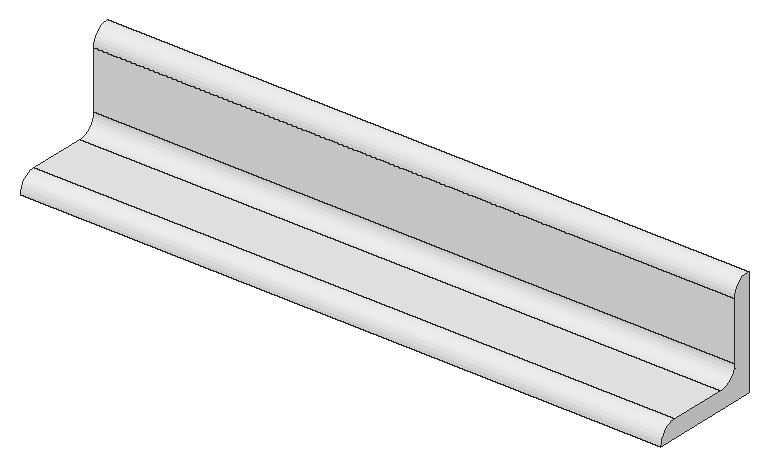
Revit family "M_Enrijecedor Linear-Ângulo", category Enrijecedores estruturais, Revit 2019
Family settings
  Número OmniClass = 23.25.30.11.27
  Título OmniClass = Vibration and Earthquake Controls
  ID de item do Seek = Linear Stiffener-Angle-0000-CAN-ENU
  Corte com vazios quando carregada = Não
  Compartilhado = Não
Parameters (values of type "L102X102X15.9")
  y = 31.1 mm
  x = 31.1 mm
  t = 15.9 mm
  k = 25 mm
  d = 102 mm
  b = 102 mm
  W = 0.229
  Material de enrijecedor [instance] = Metal - Aço 345 MPa
  built-in parameter 1001306 [instance] = 600 mm
  A = 2970.00 m²
Reference planes
  plane 1 "Centro (Frente/Trás)": y = -5.429
  plane 2: z = 0
  plane 3 "Esquerda": x = 0
  plane 4 "Direita": x = 600
  plane 5: y = -21.329
  plane 6: y = -36.529
  plane 7: y = -107.429
  plane 8: z = 15.9
  plane 9: z = 31.1
  plane 10: z = 102
Forms (mm)
  Sweep 1, solid, material "Metal - Aço 345 MPa" <- "Material de enrijecedor", detail levels fine
    path in 3D
      loop
        line (0, -5.429, 0) -> (600, -5.429, 0)
    profile origin (300, -5.429, 0) x (0, 1, 0) y (0, 0, 1)
      loop
        line (0, 0) -> (0, 102)
        arc (0, 102) -> (-11.243, 97.343) -> (-15.9, 86.1) r 15.9
        line (-15.9, 86.1) -> (-15.9, 31.8)
        arc (-15.9, 31.8) -> (-20.557, 20.557) -> (-31.8, 15.9) r 15.9
        line (-31.8, 15.9) -> (-86.1, 15.9)
        arc (-86.1, 15.9) -> (-97.343, 11.243) -> (-102, 0) r 15.9
        line (-102, 0) -> (0, 0)
  Sweep 2, solid, material "Metal - Aço 345 MPa" <- "Material de enrijecedor", detail levels medium
    path in 3D
      loop
        line (0, -5.429, 102) -> (600, -5.429, 102)
    profile origin (300, -5.429, 102) x (0, 0, -1) y (0, 1, 0)
      loop
        line (0, 0) -> (0, -15.9) -> (86.1, -15.9) -> (86.1, -102) -> (102, -102) -> (102, 0) -> (0, 0)
Lines and regions (mm)
  reference lines
    curve 1: line (0, -5.429, 0) -> (600, -5.429, 0)
  sketch lines
    curve 2: line (0, -5.429, 0) -> (600, -5.429, 0)
    curve 3: line (0, -5.429, 102) -> (600, -5.429, 102)
Dimensions and locks
  "built-in parameter 1001306": plane 3 "Esquerda" to plane 4 "Direita"
  "t": plane 8 to plane 2
  "y": plane 9 to plane 2
  "d": plane 10 to plane 2
  "t": plane 1 "Centro (Frente/Trás)" to plane 5
  "x": plane 1 "Centro (Frente/Trás)" to plane 6
  "b": plane 1 "Centro (Frente/Trás)" to plane 7
  "t": radius of Sweep 1 sketch curve  (x3)
  aligned and locked: plane 4 "Direita" to curve 1
  aligned and locked: plane 1 "Centro (Frente/Trás)" to curve 1
  aligned and locked: plane 3 "Esquerda" to curve 1
  aligned and locked: profile plane to Sweep 1 sketch curve
  aligned and locked: plane 7 to Sweep 1 sketch curve
  aligned and locked: plane 10 to Sweep 1 sketch curve
  aligned and locked: plane 2 to Sweep 2 sketch curve
  aligned and locked: Sweep 2 sketch curve to plane 7
  aligned and locked: plane 1 "Centro (Frente/Trás)" to Sweep 2 sketch curve
  aligned and locked: Sweep 2 sketch curve to plane 5
  aligned and locked: Sweep 2 sketch curve to plane 10
  aligned and locked: Sweep 2 sketch curve to plane 8
Automatic sketch dimensions
  Sweep 1 sketch curve to profile plane = 0 mm
Types in the file's own list only (124): name | y | x | t | k | d | b | W | A
  L203X203X28.6 | 61 mm | 61 mm | 29 mm | 45 mm | 203 mm | 203 mm | 0.835 | 0.01 m²
  L203X203X25.4 | 60 mm | 60 mm | 25 mm | 41 mm | 203 mm | 203 mm | 0.749 | 0.01 m²
  L203X203X22.2 | 59 mm | 59 mm | 22 mm | 38 mm | 203 mm | 203 mm | 0.661 | 0.01 m²
  L203X203X19 | 58 mm | 58 mm | 19 mm | 35 mm | 203 mm | 203 mm | 0.572 | 0.01 m²
  L203X203X15.9 | 56 mm | 56 mm | 16 mm | 32 mm | 203 mm | 203 mm | 0.481 | 0.01 m²
  L203X203X14.3 | 56 mm | 56 mm | 14 mm | 30 mm | 203 mm | 203 mm | 0.435 | 0.01 m²
  L203X203X12.7 | 55 mm | 55 mm | 13 mm | 29 mm | 203 mm | 203 mm | 0.389 | 0.01 m²
  L203X152X25.4 | 67 mm | 42 mm | 25 mm | 38 mm | 203 mm | 152 mm | 0.648 | 0.01 m²
  L203X152X22.2 | 66 mm | 41 mm | 22 mm | 35 mm | 203 mm | 152 mm | 0.573 | 0.01 m²
  L203X152X19 | 65 mm | 40 mm | 19 mm | 32 mm | 203 mm | 152 mm | 0.496 | 0.01 m²
  L203X152X15.9 | 64 mm | 38 mm | 16 mm | 29 mm | 203 mm | 152 mm | 0.418 | 0.01 m²
  L203X152X14.3 | 63 mm | 38 mm | 14 mm | 27 mm | 203 mm | 152 mm | 0.378 | 0.00 m²
  L203X152X12.7 | 62 mm | 37 mm | 13 mm | 25 mm | 203 mm | 152 mm | 0.338 | 0.00 m²
  L203X152X11.1 | 62 mm | 37 mm | 11 mm | 24 mm | 203 mm | 152 mm | 0.297 | 0.00 m²
  L203X102X25.4 | 77 mm | 27 mm | 25 mm | 38 mm | 203 mm | 102 mm | 0.549 | 0.01 m²
  L203X102X22.2 | 76 mm | 25 mm | 22 mm | 35 mm | 203 mm | 102 mm | 0.486 | 0.01 m²
  L203X102X19 | 75 mm | 24 mm | 19 mm | 32 mm | 203 mm | 102 mm | 0.422 | 0.01 m²
  L203X102X15.9 | 73 mm | 23 mm | 16 mm | 29 mm | 203 mm | 102 mm | 0.356 | 0.00 m²
  L203X102X14.3 | 73 mm | 22 mm | 14 mm | 27 mm | 203 mm | 102 mm | 0.322 | 0.00 m²
  L203X102X12.7 | 72 mm | 22 mm | 13 mm | 25 mm | 203 mm | 102 mm | 0.288 | 0.00 m²
  L203X102X11.1 | 71 mm | 21 mm | 11 mm | 24 mm | 203 mm | 102 mm | 0.254 | 0.00 m²
  L178X102X19 | 64 mm | 26 mm | 19 mm | 32 mm | 178 mm | 102 mm | 0.382 | 0.00 m²
  L178X102X15.9 | 62 mm | 24 mm | 16 mm | 29 mm | 178 mm | 102 mm | 0.323 | 0.00 m²
  L178X102X12.7 | 61 mm | 23 mm | 13 mm | 25 mm | 178 mm | 102 mm | 0.261 | 0.00 m²
  L178X102X11.1 | 60 mm | 23 mm | 11 mm | 24 mm | 178 mm | 102 mm | 0.23 | 0.00 m²
  L178X102X9.5 | 60 mm | 22 mm | 10 mm | 22 mm | 178 mm | 102 mm | 0.199 | 0.00 m²
  L152X152X25.4 | 47 mm | 47 mm | 25 mm | 38 mm | 152 mm | 152 mm | 0.547 | 0.01 m²
  L152X152X22.2 | 46 mm | 46 mm | 22 mm | 35 mm | 152 mm | 152 mm | 0.484 | 0.01 m²
  L152X152X19 | 45 mm | 45 mm | 19 mm | 32 mm | 152 mm | 152 mm | 0.42 | 0.01 m²
  L152X152X15.9 | 44 mm | 44 mm | 16 mm | 29 mm | 152 mm | 152 mm | 0.354 | 0.00 m²
  L152X152X14.3 | 43 mm | 43 mm | 14 mm | 27 mm | 152 mm | 152 mm | 0.32 | 0.00 m²
  L152X152X12.7 | 43 mm | 43 mm | 13 mm | 25 mm | 152 mm | 152 mm | 0.287 | 0.00 m²
  L152X152X11.1 | 42 mm | 42 mm | 11 mm | 24 mm | 152 mm | 152 mm | 0.252 | 0.00 m²
  L152X152X9.5 | 41 mm | 41 mm | 10 mm | 22 mm | 152 mm | 152 mm | 0.217 | 0.00 m²
  L152X152X7.9 | 41 mm | 41 mm | 8 mm | 21 mm | 152 mm | 152 mm | 0.182 | 0.00 m²
  L152X102X22.2 | 54 mm | 28 mm | 22 mm | 35 mm | 152 mm | 102 mm | 0.396 | 0.01 m²
  L152X102X19 | 53 mm | 27 mm | 19 mm | 32 mm | 152 mm | 102 mm | 0.344 | 0.00 m²
  L152X102X15.9 | 51 mm | 26 mm | 16 mm | 29 mm | 152 mm | 102 mm | 0.291 | 0.00 m²
  L152X102X14.3 | 51 mm | 26 mm | 14 mm | 27 mm | 152 mm | 102 mm | 0.264 | 0.00 m²
  L152X102X12.7 | 50 mm | 25 mm | 13 mm | 25 mm | 152 mm | 102 mm | 0.236 | 0.00 m²
  L152X102X11.1 | 50 mm | 24 mm | 11 mm | 24 mm | 152 mm | 102 mm | 0.208 | 0.00 m²
  L152X102X9.5 | 49 mm | 24 mm | 10 mm | 22 mm | 152 mm | 102 mm | 0.179 | 0.00 m²
  L152X102X7.9 | 48 mm | 23 mm | 8 mm | 21 mm | 152 mm | 102 mm | 0.15 | 0.00 m²
  L152X89X12.7 | 53 mm | 21 mm | 13 mm | 25 mm | 152 mm | 89 mm | 0.224 | 0.00 m²
  L152X89X9.5 | 51 mm | 20 mm | 10 mm | 22 mm | 152 mm | 89 mm | 0.171 | 0.00 m²
  L152X89X7.9 | 51 mm | 19 mm | 8 mm | 21 mm | 152 mm | 89 mm | 0.143 | 0.00 m²
  L127X127X22.2 | 40 mm | 40 mm | 22 mm | 35 mm | 127 mm | 127 mm | 0.398 | 0.01 m²
  L127X127X19 | 39 mm | 39 mm | 19 mm | 32 mm | 127 mm | 127 mm | 0.346 | 0.00 m²
  L127X127X15.9 | 37 mm | 37 mm | 16 mm | 29 mm | 127 mm | 127 mm | 0.293 | 0.00 m²
  L127X127X12.7 | 36 mm | 36 mm | 13 mm | 25 mm | 127 mm | 127 mm | 0.238 | 0.00 m²
  L127X127X11.1 | 36 mm | 36 mm | 11 mm | 24 mm | 127 mm | 127 mm | 0.21 | 0.00 m²
  L127X127X9.5 | 35 mm | 35 mm | 10 mm | 22 mm | 127 mm | 127 mm | 0.181 | 0.00 m²
  L127X127X7.9 | 34 mm | 34 mm | 8 mm | 21 mm | 127 mm | 127 mm | 0.152 | 0.00 m²
  L127X89X19 | 44 mm | 25 mm | 19 mm | 30 mm | 127 mm | 89 mm | 0.289 | 0.00 m²
  L127X89X15.9 | 43 mm | 24 mm | 16 mm | 27 mm | 127 mm | 89 mm | 0.245 | 0.00 m²
  L127X89X12.7 | 42 mm | 23 mm | 13 mm | 24 mm | 127 mm | 89 mm | 0.199 | 0.00 m²
  L127X89X9.5 | 41 mm | 22 mm | 10 mm | 21 mm | 127 mm | 89 mm | 0.151 | 0.00 m²
  L127X89X7.9 | 40 mm | 21 mm | 8 mm | 19 mm | 127 mm | 89 mm | 0.127 | 0.00 m²
  L127X89X6.4 | 39 mm | 20 mm | 6 mm | 17 mm | 127 mm | 89 mm | 0.103 | 0.00 m²
  L127X76X12.7 | 44 mm | 19 mm | 13 mm | 24 mm | 127 mm | 76 mm | 0.186 | 0.00 m²
  L127X76X11.1 | 44 mm | 18 mm | 11 mm | 22 mm | 127 mm | 76 mm | 0.164 | 0.00 m²
  L127X76X9.5 | 43 mm | 18 mm | 10 mm | 21 mm | 127 mm | 76 mm | 0.142 | 0.00 m²
  L127X76X7.9 | 42 mm | 17 mm | 8 mm | 19 mm | 127 mm | 76 mm | 0.119 | 0.00 m²
  L127X76X6.4 | 42 mm | 17 mm | 6 mm | 17 mm | 127 mm | 76 mm | 0.096 | 0.00 m²
  L102X102X19 | 32 mm | 32 mm | 19 mm | 29 mm | 102 mm | 102 mm | 0.27 | 0.00 m²
  L102X102X12.7 | 30 mm | 30 mm | 13 mm | 22 mm | 102 mm | 102 mm | 0.186 | 0.00 m²
  L102X102X11.1 | 29 mm | 29 mm | 11 mm | 21 mm | 102 mm | 102 mm | 0.164 | 0.00 m²
  L102X102X9.5 | 29 mm | 29 mm | 10 mm | 19 mm | 102 mm | 102 mm | 0.142 | 0.00 m²
  L102X102X7.9 | 28 mm | 28 mm | 8 mm | 17 mm | 102 mm | 102 mm | 0.119 | 0.00 m²
  L102X102X6.4 | 27 mm | 27 mm | 6 mm | 16 mm | 102 mm | 102 mm | 0.096 | 0.00 m²
  L102X89X12.7 | 32 mm | 25 mm | 13 mm | 23 mm | 102 mm | 89 mm | 0.174 | 0.00 m²
  L102X89X9.5 | 30 mm | 24 mm | 10 mm | 19 mm | 102 mm | 89 mm | 0.133 | 0.00 m²
  L102X89X7.9 | 30 mm | 23 mm | 8 mm | 18 mm | 102 mm | 89 mm | 0.112 | 0.00 m²
  L102X89X6.4 | 29 mm | 23 mm | 6 mm | 16 mm | 102 mm | 89 mm | 0.09 | 0.00 m²
  L102X76X15.9 | 35 mm | 22 mm | 16 mm | 26 mm | 102 mm | 76 mm | 0.198 | 0.00 m²
  L102X76X12.7 | 34 mm | 21 mm | 13 mm | 23 mm | 102 mm | 76 mm | 0.162 | 0.00 m²
  L102X76X9.5 | 32 mm | 20 mm | 10 mm | 19 mm | 102 mm | 76 mm | 0.124 | 0.00 m²
  L102X76X7.9 | 32 mm | 19 mm | 8 mm | 18 mm | 102 mm | 76 mm | 0.104 | 0.00 m²
  L102X76X6.4 | 31 mm | 18 mm | 6 mm | 16 mm | 102 mm | 76 mm | 0.084 | 0.00 m²
  L89X89X12.7 | 27 mm | 27 mm | 13 mm | 22 mm | 89 mm | 89 mm | 0.162 | 0.00 m²
  L89X89X11.1 | 26 mm | 26 mm | 11 mm | 21 mm | 89 mm | 89 mm | 0.143 | 0.00 m²
  L89X89X9.5 | 26 mm | 26 mm | 10 mm | 19 mm | 89 mm | 89 mm | 0.124 | 0.00 m²
  L89X89X7.9 | 25 mm | 25 mm | 8 mm | 17 mm | 89 mm | 89 mm | 0.105 | 0.00 m²
  L89X89X6.4 | 24 mm | 24 mm | 6 mm | 16 mm | 89 mm | 89 mm | 0.085 | 0.00 m²
  L89X76X12.7 | 28 mm | 22 mm | 13 mm | 22 mm | 89 mm | 76 mm | 0.15 | 0.00 m²
  L89X76X11.1 | 28 mm | 22 mm | 11 mm | 21 mm | 89 mm | 76 mm | 0.133 | 0.00 m²
  L89X76X9.5 | 27 mm | 21 mm | 10 mm | 19 mm | 89 mm | 76 mm | 0.115 | 0.00 m²
  L89X76X7.9 | 27 mm | 20 mm | 8 mm | 17 mm | 89 mm | 76 mm | 0.097 | 0.00 m²
  L89X76X6.4 | 26 mm | 20 mm | 6 mm | 16 mm | 89 mm | 76 mm | 0.079 | 0.00 m²
  L89X64X12.7 | 30 mm | 18 mm | 13 mm | 22 mm | 89 mm | 64 mm | 0.137 | 0.00 m²
  L89X64X9.5 | 29 mm | 17 mm | 10 mm | 19 mm | 89 mm | 64 mm | 0.105 | 0.00 m²
  L89X64X7.9 | 29 mm | 16 mm | 8 mm | 17 mm | 89 mm | 64 mm | 0.089 | 0.00 m²
  L89X64X6.4 | 28 mm | 15 mm | 6 mm | 16 mm | 89 mm | 64 mm | 0.072 | 0.00 m²
  L76X76X12.7 | 24 mm | 24 mm | 13 mm | 22 mm | 76 mm | 76 mm | 0.136 | 0.00 m²
  L76X76X11.1 | 23 mm | 23 mm | 11 mm | 21 mm | 76 mm | 76 mm | 0.121 | 0.00 m²
  L76X76X9.5 | 22 mm | 22 mm | 10 mm | 19 mm | 76 mm | 76 mm | 0.105 | 0.00 m²
  L76X76X7.9 | 22 mm | 22 mm | 8 mm | 17 mm | 76 mm | 76 mm | 0.088 | 0.00 m²
  L76X76X6.4 | 21 mm | 21 mm | 6 mm | 16 mm | 76 mm | 76 mm | 0.071 | 0.00 m²
  L76X76X4.8 | 21 mm | 21 mm | 5 mm | 14 mm | 76 mm | 76 mm | 0.054 | 0.00 m²
  L76X64X12.7 | 25 mm | 19 mm | 13 mm | 22 mm | 76 mm | 64 mm | 0.124 | 0.00 m²
  L76X64X11.1 | 25 mm | 18 mm | 11 mm | 21 mm | 76 mm | 64 mm | 0.11 | 0.00 m²
  L76X64X9.5 | 24 mm | 18 mm | 10 mm | 19 mm | 76 mm | 64 mm | 0.096 | 0.00 m²
  L76X64X7.9 | 24 mm | 17 mm | 8 mm | 17 mm | 76 mm | 64 mm | 0.081 | 0.00 m²
  L76X64X6.4 | 23 mm | 17 mm | 6 mm | 16 mm | 76 mm | 64 mm | 0.066 | 0.00 m²
  L76X64X4.8 | 22 mm | 16 mm | 5 mm | 14 mm | 76 mm | 64 mm | 0.05 | 0.00 m²
  L76X51X12.7 | 27 mm | 15 mm | 13 mm | 21 mm | 76 mm | 51 mm | 0.112 | 0.00 m²
  L76X51X9.5 | 26 mm | 14 mm | 10 mm | 17 mm | 76 mm | 51 mm | 0.087 | 0.00 m²
  L76X51X7.9 | 26 mm | 13 mm | 8 mm | 16 mm | 76 mm | 51 mm | 0.073 | 0.00 m²
  L76X51X6.4 | 25 mm | 12 mm | 6 mm | 14 mm | 76 mm | 51 mm | 0.06 | 0.00 m²
  L76X51X4.8 | 24 mm | 12 mm | 5 mm | 13 mm | 76 mm | 51 mm | 0.046 | 0.00 m²
  L64X64X12.7 | 20 mm | 20 mm | 13 mm | 19 mm | 64 mm | 64 mm | 0.112 | 0.00 m²
  L64X64X9.5 | 19 mm | 19 mm | 10 mm | 16 mm | 64 mm | 64 mm | 0.086 | 0.00 m²
  L64X64X7.9 | 19 mm | 19 mm | 8 mm | 14 mm | 64 mm | 64 mm | 0.073 | 0.00 m²
  L64X64X6.4 | 18 mm | 18 mm | 6 mm | 13 mm | 64 mm | 64 mm | 0.059 | 0.00 m²
  L64X64X4.8 | 17 mm | 17 mm | 5 mm | 11 mm | 64 mm | 64 mm | 0.045 | 0.00 m²
  L64X51X9.5 | 21 mm | 15 mm | 10 mm | 16 mm | 64 mm | 51 mm | 0.077 | 0.00 m²
  L64X51X7.9 | 20 mm | 14 mm | 8 mm | 14 mm | 64 mm | 51 mm | 0.066 | 0.00 m²
  L64X51X6.4 | 20 mm | 14 mm | 6 mm | 13 mm | 64 mm | 51 mm | 0.053 | 0.00 m²
  L64X51X4.8 | 19 mm | 13 mm | 5 mm | 11 mm | 64 mm | 51 mm | 0.041 | 0.00 m²
  L51X51X9.5 | 16 mm | 16 mm | 10 mm | 16 mm | 51 mm | 51 mm | 0.068 | 0.00 m²
  L51X51X7.9 | 16 mm | 16 mm | 8 mm | 14 mm | 51 mm | 51 mm | 0.058 | 0.00 m²
  L51X51X6.4 | 15 mm | 15 mm | 6 mm | 13 mm | 51 mm | 51 mm | 0.047 | 0.00 m²
  L51X51X4.8 | 14 mm | 14 mm | 5 mm | 11 mm | 51 mm | 51 mm | 0.036 | 0.00 m²
  L51X51X3.2 | 14 mm | 14 mm | 3 mm | 10 mm | 51 mm | 51 mm | 0.024 | 0.00 m²
